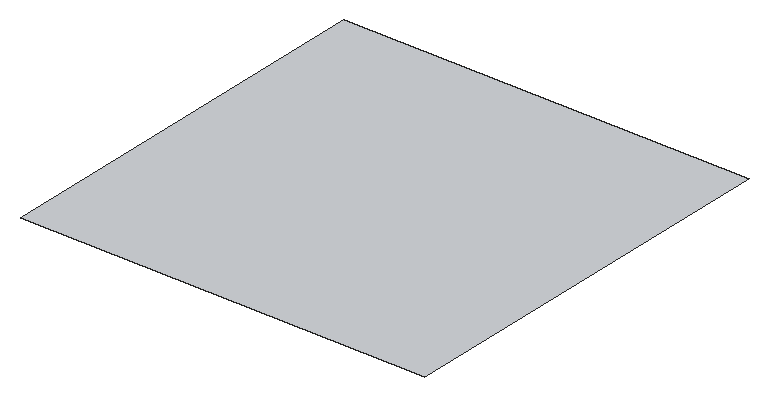
Revit family "24bd992a8e7744c79ac1589753c11f6b", category Air Terminals, host Face, Revit 2021
Family settings
  Host = Face
  Round Connector Dimension = Use Radius
  Part Type = Normal
  OmniClass Number = 23.75.70.21.27.11
  OmniClass Title = Diffusers, Registers, and Grilles
  Seek Item ID = Supply Diffuser - Rectangular Face Round Neck - Hosted-0000-USA-ENU
  Cut with Voids When Loaded = No
  Shared = No
  Room Calculation Point = No
Parameters (values of type "12"x12"  Face 6" Neck - Hosted")
  Width 1 = Diffuser Width 1 * 0.65  # 0' - 7.8"
  UpArrow [instance] = yes
  RightArrow [instance] = yes
  LeftArrow [instance] = yes
  Duct Radius = 3"
  Duct Diameter = 2 * Duct Radius  # 6"
  DownArrow [instance] = yes
  Diffuser Width 2 = 0' - 6"
  Diffuser Width 1 = 1' - 0"
  Pressure Drop [instance] = 0.085 in-wg
  Length 1 = Diffuser Width 2 / 2  # 0' - 3"
  Length = Diffuser Width 1 - 0' 2"  # 0' - 10"
  Flow [instance] = 500 CFM
  Default Elevation = 4' - 0"
  Air Terminal Material = none
Types (9): name | Width 1 | Duct Radius | Duct Diameter | Diffuser Width 2 | Diffuser Width 1 | Length 1 | Length
  (no name) | 0' - 7.8" | 3" | 6" | 0' - 6" | 1' - 0" | 0' - 3" | 0' - 10"
  12"x12"  Face 6" Neck - Hosted | 0' - 7.8" | 3" | 6" | 0' - 6" | 1' - 0" | 0' - 3" | 0' - 10"
  12"x12" Face 8" Neck - Hosted | 0' - 7.8" | 4" | 8" | 0' - 9" | 1' - 0" | 0' - 4 1/2" | 0' - 10"
  24"x24" Face 10" Neck - Hosted | 1' - 3.6" | 5" | 10" | 1' - 0" | 2' - 0" | 0' - 6" | 1' - 10"
  24"x24" Face 12" Neck - Hosted | 1' - 3.6" | 6" | 12" | 1' - 0" | 2' - 0" | 0' - 6" | 1' - 10"
  24"x24" Face 14" Neck - Hosted | 1' - 3.6" | 7" | 14" | 1' - 3" | 2' - 0" | 0' - 7 1/2" | 1' - 10"
  24"x24" Face 16" Neck - Hosted | 1' - 3.6" | 8" | 16" | 1' - 6" | 2' - 0" | 0' - 9" | 1' - 10"
  24"x24" Face 6" Neck - Hosted | 1' - 3.6" | 3" | 6" | 0' - 6" | 2' - 0" | 0' - 3" | 1' - 10"
  24"x24" Face 8" Neck - Hosted | 1' - 3.6" | 4" | 8" | 0' - 9" | 2' - 0" | 0' - 4 1/2" | 1' - 10"
Reference planes (in)
  plane 1 "Center (Front/Back)": y = 0
  plane 2: z = 0
  plane 3 "Center (Left/Right)": x = 0
  plane 4: x = 3
  plane 5: x = -3
  plane 6: y = 3
  plane 7: y = -3
  plane 8: x = -6
  plane 9: x = 6
  plane 10: y = 6
  plane 11: y = -6
  plane 12: z = -1.125
  plane 13: z = -2.125
  plane 14: x = 21
  plane 15: x = -21
  plane 16: y = 21
  plane 17: y = -21
  plane 18: y = 31
  plane 19: y = -31
  plane 20: x = 31
  plane 21: x = -31
Forms (in)
  Blend 1, solid, material <- "Air Terminal Material"
    base sketch origin (0, 0, 0) x (1, 0, 0) y (0, 1, 0)
      loop
        line (-6, 6) -> (-6, -6) -> (6, -6) -> (6, 6) -> (-6, 6)
    top sketch origin (0, 0, 0) x (1, 0, 0) y (0, 1, 0)
      loop
        line (-3, 3) -> (-3, -3) -> (3, -3) -> (3, 3) -> (-3, 3)
    from 0 to -1.125
  Extrusion 2, solid, material <- "Air Terminal Material"
    sketch origin (0, 0, 0) x (1, 0, 0) y (0, 1, 0)
      loop
        circle (0, 0) r 3
    from -1.125 to -2.125
Cuts and joins
  joined: Blend 1, Extrusion 2
Lines and regions (in)
  symbolic lines
    curve 1: line (-6, 6, 0) -> (6, -6, 0)
    curve 2: line (6, 6, 0) -> (-6, -6, 0)
Dimensions and locks (in)
  equal spacing: plane 8, plane 3 "Center (Left/Right)", plane 9
  equal spacing: plane 11, plane 1 "Center (Front/Back)", plane 10
  "Diffuser Width 1": plane 11 to plane 10
  "Diffuser Width 1": plane 8 to plane 9
  locked: plane 2 to plane 12 at 1.125
  locked: plane 12 to plane 13 at 1
  locked: plane 9 to plane 14 at 15
  locked: plane 15 to plane 8 at 15
  locked: plane 16 to plane 10 at 15
  locked: plane 17 to plane 11 at 15
  "Length": plane 21 to plane 15
  "Length": plane 14 to plane 20
  "Length": plane 18 to plane 16
  "Length": plane 19 to plane 17
  "Length 1": plane 5 to plane 3 "Center (Left/Right)"
  "Length 1": plane 3 "Center (Left/Right)" to plane 4
  "Length 1": plane 6 to plane 1 "Center (Front/Back)"
  "Length 1": plane 7 to plane 1 "Center (Front/Back)"
  "Width 1": nested 1 to plane 3 "Center (Left/Right)"
  "Width 1": nested 2 to plane 1 "Center (Front/Back)"
  "Width 1": plane 3 "Center (Left/Right)" to nested 3
  "Width 1": nested 4 to plane 1 "Center (Front/Back)"
  "Duct Radius": radius of Extrusion 2 sketch curve
  aligned and locked: plane 2 to host face
  aligned and locked: level to host face
  aligned and locked: plane 8 to Blend 1 sketch curve
  aligned and locked: Blend 1 sketch curve to plane 10
  aligned and locked: plane 11 to Blend 1 sketch curve
  aligned and locked: Blend 1 sketch curve to plane 9
  aligned and locked: plane 5 to Blend 1 sketch curve
  aligned and locked: Blend 1 sketch curve to plane 6
  aligned and locked: plane 7 to Blend 1 sketch curve
  aligned and locked: Blend 1 sketch curve to plane 4
  aligned and locked: plane 3 "Center (Left/Right)" to Extrusion 2 sketch curve
  aligned and locked: plane 1 "Center (Front/Back)" to Extrusion 2 sketch curve
  aligned and locked: Blend 1 to plane 2
  aligned and locked: Blend 1 to plane 12
  aligned and locked: Blend 1 to Extrusion 2
  aligned and locked: plane 13 to Extrusion 2
Automatic sketch dimensions
  curve 1 to plane 8 = 0' - 0"
  curve 2 to plane 8 = 0' - 0"
  curve 1 to plane 9 = 0' - 0"
  curve 2 to plane 9 = 0' - 0"
  curve 1 to plane 11 = 0' - 0"
  curve 2 to plane 11 = 0' - 0"
  curve 2 to plane 10 = 0' - 0"
  curve 1 to plane 10 = 0' - 0"
  host sketch curve to host sketch curve = 4' - 8.12456"
  host sketch curve to host sketch curve = 3' - 10.63419"
Nested families (in)
  nested 1: "Duct Terminal Arrow" at (-7.8, 0, 0) x (-1, 0, 0) z (0, 0, 1), visible <- "LeftArrow", type "Duct Terminal Arrow"
  nested 2: "Duct Terminal Arrow" at (0, 7.8, 0) x (0, 1, 0) z (0, 0, 1), visible <- "DownArrow", type "Duct Terminal Arrow"
  nested 3: "Duct Terminal Arrow" at (7.8, 0, 0), visible <- "RightArrow", type "Duct Terminal Arrow"
  nested 4: "Duct Terminal Arrow" at (0, -7.8, 0) x (0, -1, 0) z (0, 0, 1), visible <- "UpArrow", type "Duct Terminal Arrow"
Connectors (in)
  hvac at (0, 0, -2.125), driven by "Flow", driven by "Duct Radius", driven by "Pressure Drop"
    settings: on Extrusion 2, index 1, duct flow 500 CFM, flow factor 0, pres drop 0.085 in-wg, loss coef 0, conn angle 0.00°, conn width 12", conn height 12", conn diameter 6", duct sys type 1, conn prof type 0, flow config 1, flow direction 1, loss method 4, conn ref index -1, conn util no, is conn primary yes, conn desc ""
Definition of nested family "Duct Terminal Arrow"
  Parameters
    Width = (Length / 2) / cos(15.00°)  # 1.03528"
    Length = 2"
  Reference planes (in)
    plane 1 "Center (Front/Back)": y = 0
    plane 2: z = 0
    plane 3 "Center (Left/Right)": x = 0
  Lines and regions (in)
    Filled region 1, type "Concrete Block", in view "Ref. Level"
      outline origin (0, 0, 0) x (1, 0, 0) y (0, 1, 0)
        loop
          line (1, 0.26795) -> (1, -0.26795) -> (2, 0) -> (1, 0.26795)
    detail lines, in view "Ref. Level"
      curve 1: line (0, 0, 0) -> (2, 0, 0)
      curve 2: line (2, 0, 0) -> (1, 0.26795, 0)
      curve 3: line (2, 0, 0) -> (1, -0.26795, 0)
      curve 4: line (1, 0.26795, 0) -> (1, -0.26795, 0)
  Dimensions and locks (in)
    "Length": curve 1 to curve 1
    "Width": curve 2 to curve 2
    "Width": curve 3 to curve 3
    locked: curve 2 to curve 1 (angle 15.00°)
    locked: curve 1 to curve 3 (angle 15.00°)
    aligned and locked: plane 3 "Center (Left/Right)" to curve 1
    aligned and locked: plane 1 "Center (Front/Back)" to curve 1
    aligned and locked: Filled region 1 sketch curve to curve 4
    aligned and locked: Filled region 1 sketch curve to curve 2
    aligned and locked: Filled region 1 sketch curve to curve 3
